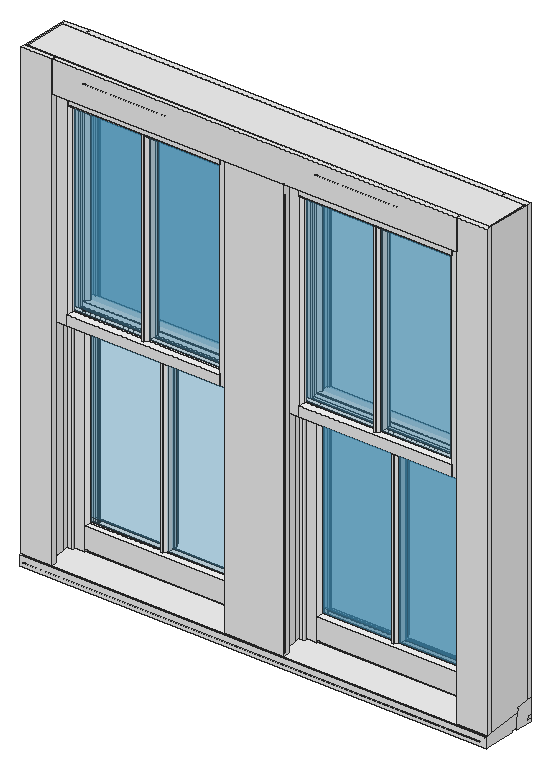
Revit family "B2-22V", category Windows, host Wall, Revit 2012
Parameters
  metal = Matel
  Wood = WindowColor
  Str.Tolrance = 11 mm
  Height = 1500 mm
  Glass = Glass
  Default Sill Height = 200 mm
  Wall Closure = By host
  Width = 1506 mm
Reference planes
  plane 1 "Center (Front/Back)": y = 0
  plane 2: z = 0
  plane 3 "Center (Left/Right)": x = 0
  plane 4 "Left": x = -753
  plane 5 "Right": x = 753
  plane 6 "Sill": z = 200
  plane 7 "Top": z = 1700
  plane 8: y = 33.076
  plane 9: z = 950
  plane 10: x = 653
  plane 11: x = -653
  plane 12: x = -626.955
  plane 13: x = 626.955
  plane 14: z = 1574
  plane 15: z = 326
  plane 16: z = 1600
  plane 17: z = 1008.481
  plane 18: z = 233
  plane 19: z = 1618
  plane 20: z = 268
  plane 21: x = -68
  plane 22: x = 671
  plane 23: x = 78
  plane 24: z = 972
  plane 25: z = 928
  plane 26: x = -122.245
  plane 27: x = 122.245
  plane 28: x = -376.5
  plane 29: x = 374.6
  plane 30: z = 1614
Forms (mm)
  Sweep 1, solid, material "Matel" <- "metal"
    path origin (0, 0, 0) x (1, 0, 0) y (0, 0, 1)
      loop
        line (653.079, 1700) -> (-653, 1700)
    profile origin (0.039, 0, 1700) x (0, 0, -1) y (0, -1, 0)
      loop
        line (0, 87) -> (0, 72) -> (6, 72) -> (6, 67) -> (65, 67) -> (65, 72) -> (73, 72) -> (73, 67) -> (82, 67) -> (88, 67) -> (88, 70) -> (90.25, 70) -> (91.246, 70) -> (91.246, 70.819) -> (90.25, 70.456) -> (91.246, 71.452) -> (90.25, 71.452) -> (91.246, 72.288) -> (90.25, 72.288) -> (91.5, 74) -> (92.75, 72.288) -> (91.754, 72.288) -> (92.75, 71.452) -> (91.754, 71.452) -> (92.75, 70.456) -> (91.754, 70.819) -> (91.754, 70) -> (95, 70) -> (95, 67) -> (100, 67) -> (100, 87) -> (0, 87)
  Sweep 2, solid, material "Matel" <- "metal"
    path origin (0, 0, 0) x (1, 0, 0) y (0, 0, 1)
      loop
        line (747.079, 1700) -> (-747.079, 1700)
    profile origin (0, 0, 1700) x (0, 0, -1) y (0, -1, 0)
      loop
        line (0, -72) -> (6, -72) -> (6, 72) -> (0, 72) -> (0, -72)
  Sweep 3, solid
    path origin (0, 0, 0) x (1, 0, 0) y (0, 0, 1)
      loop
        line (653, 1700) -> (-653, 1700)
    profile origin (0, 0, 1700) x (0, 0, -1) y (0, -1, 0)
      loop
        line (82, -67) -> (82, -4) -> (75, -4) -> (75, 4) -> (82, 4) -> (82, 67) -> (73, 67) -> (73, 72) -> (65, 72) -> (65, 67) -> (6, 67) -> (6, -67) -> (65, -67) -> (65, -72) -> (73, -72) -> (73, -67) -> (82, -67)
  Sweep 4, solid, material "Matel" <- "metal"
    path origin (0, 0, 0) x (1, 0, 0) y (0, 0, 1)
      loop
        line (753, 1700) -> (753, 200)
    profile origin (753, 0, 950) x (0, -1, 0) y (1, 0, 0)
      loop
        line (72, -5.921) -> (72, -65) -> (72, -99.921) -> (87, -99.921) -> (87, 0.079) -> (72, 0.079) -> (72, -5.921)
  Sweep 5, solid, material "Matel" <- "metal"
    path origin (0, 0, 0) x (1, 0, 0) y (0, 0, 1)
      loop
        line (753, 1600) -> (753, 200)
    profile origin (753, 0, 900) x (0, -1, 0) y (1, 0, 0)
      loop
        line (-67, -56) -> (-67, -65) -> (-72, -65) -> (-72, -73) -> (-67, -73) -> (-67, -82) -> (67, -82) -> (67, -73) -> (72, -73) -> (72, -65) -> (67, -65) -> (67, -56) -> (-67, -56)
  Sweep 6, solid, material "Matel" <- "metal"
    path origin (0, 0, 0) x (-1, 0, 0) y (0, 0, 1)
      loop
        line (753, 1700) -> (753, 200)
    profile origin (-753, 0, 950) x (0, -1, 0) y (1, 0, 0)
      loop
        line (72, 5.921) -> (-72, 5.921) -> (-72, -0.079) -> (72, -0.079) -> (72, 5.921)
  Sweep 7, solid, material "Matel" <- "metal"
    path origin (0, 0, 0) x (-1, 0, 0) y (0, 0, 1)
      loop
        line (753, 1600) -> (753, 200)
    profile origin (-753, 0, 900) x (0, -1, 0) y (1, 0, 0)
      loop
        line (-67, 56) -> (67, 56) -> (67, 65) -> (72, 65) -> (72, 73) -> (67, 73) -> (67, 82) -> (-67, 82) -> (-67, 73) -> (-72, 73) -> (-72, 65) -> (-67, 65) -> (-67, 56)
  Sweep 8, solid, material "Matel" <- "metal"
    path origin (0, 0, 0) x (1, 0, 0) y (0, 0, 1)
      loop
        line (753, 200) -> (753, 1600)
    profile origin (753, 0, 900) x (-1, 0, 0) y (0, -1, 0)
      loop
        line (8.659, 13.181) -> (53.659, 13.181) -> (53.659, 58.181) -> (8.659, 58.181) -> (8.659, 13.181)
      loop
        circle (31.159, 35.681) r 3.5
      loop
        circle (31.159, -35.319) r 3.5
      loop
        line (53.659, -57.819) -> (53.659, -12.819) -> (8.659, -12.819) -> (8.659, -57.819) -> (53.659, -57.819)
      loop
        line (7.159, 1.681) -> (7.159, -1.319) -> (55.159, -1.319) -> (55.159, 1.681) -> (7.159, 1.681)
      loop
        line (82.159, -3.819) -> (96.159, -3.819)
        arc (96.159, -3.819) -> (100.159, 0.181) -> (96.159, 4.181) r 4
        line (96.159, 4.181) -> (75.159, 4.181) -> (75.159, -3.819) -> (82.159, -3.819)
  Sweep 9, solid, material "Matel" <- "metal"
    path origin (0, 0, 0) x (1, 0, 0) y (0, 0, 1)
      loop
        line (753, 200) -> (753, 1600)
    profile origin (753, 0, 900) x (-1, 0, 0) y (0, -1, 0)
      loop
        line (79, -43.784) -> (79, -50.284) -> (82, -50.284) -> (82, -21.284) -> (79, -21.284) -> (79, -27.784) -> (34, -27.784) -> (34, -43.784) -> (79, -43.784)
      loop
        line (34, 27.216) -> (79, 27.216) -> (79, 20.716) -> (82, 20.716) -> (82, 49.716) -> (79, 49.716) -> (79, 43.216) -> (34, 43.216) -> (34, 27.216)
  Sweep 10, solid, material "Matel" <- "metal"
    path origin (0, 0, 0) x (-1, 0, 0) y (0, 0, 1)
      loop
        line (753, 200) -> (753, 1600)
    profile origin (-753, 0, 900) x (-1, 0, 0) y (0, -1, 0)
      loop
        line (-8.659, 13.181) -> (-8.659, 58.181) -> (-53.659, 58.181) -> (-53.659, 13.181) -> (-8.659, 13.181)
      loop
        circle (-31.159, 35.681) r 3.5
      loop
        circle (-31.159, -35.319) r 3.5
      loop
        line (-53.659, -57.819) -> (-8.659, -57.819) -> (-8.659, -12.819) -> (-53.659, -12.819) -> (-53.659, -57.819)
      loop
        line (-7.159, 1.681) -> (-55.159, 1.681) -> (-55.159, -1.319) -> (-7.159, -1.319) -> (-7.159, 1.681)
      loop
        line (-82.159, -3.819) -> (-75.159, -3.819) -> (-75.159, 4.181) -> (-96.159, 4.181)
        arc (-96.159, 4.181) -> (-100.159, 0.181) -> (-96.159, -3.819) r 4
        line (-96.159, -3.819) -> (-82.159, -3.819)
  Sweep 11, solid, material "Matel" <- "metal"
    path origin (0, 0, 0) x (1, 0, 0) y (0, 0, 1)
      loop
        line (753, 200) -> (-753, 200)
    profile origin (0, 0, 200) x (0, 0, -1) y (0, -1, 0)
      loop
        line (0, -87) -> (0, -33) -> (-33, -33) -> (-33, -38) -> (-48, -38) -> (-48, -33) -> (-52.913, -33)
        arc (-52.913, -33) -> (-55.913, -36) -> (-58.913, -33) r 3
        line (-58.913, -33) -> (-63.825, -33) -> (-68, -67) -> (-68, -87) -> (-20, -87) -> (-20, -77) -> (-10, -77) -> (-10, -87) -> (0, -87)
  Sweep 12, solid, material "Matel" <- "metal"
    path origin (0, 0, 0) x (1, 0, 0) y (0, 0, 1)
      loop
        line (753, 200) -> (-753, 200)
    profile origin (0, 0, 200) x (0, 0, -1) y (0, -1, 0)
      loop
        line (-5, -33) -> (-5, -13) -> (0, -13) -> (0, 80) -> (-2, 80)
        arc (-2, 80) -> (-5, 83) -> (-2, 86) r 3
        line (-2, 86) -> (0, 86) -> (0, 91) -> (-30.121, 91)
        arc (-30.121, 91) -> (-32.108, 90.247) -> (-33.098, 88.366) r 3
        line (-33.098, 88.366) -> (-48, -33) -> (-48, -38) -> (-33, -38) -> (-33, -33) -> (-5, -33)
  Sweep 13, solid, material "Matel" <- "metal"
    path origin (0, 0, 0) x (1, 0, 0) y (0, 0, 1)
      loop
        line (-128.237, 1700) -> (-620.955, 1700)
    profile origin (-374.596, 0, 1700) x (0, 0, -1) y (0, -1, 0)
      loop
        line (88.983, 5.47) -> (125.983, 5.47) -> (125.983, 53.47) -> (141.983, 53.47) -> (141.983, 55.47) -> (131.983, 65.47) -> (88.983, 65.47)
        arc (88.983, 65.47) -> (86.862, 64.591) -> (85.983, 62.47) r 3
        line (85.983, 62.47) -> (85.983, 16.47) -> (91.983, 16.47) -> (91.983, 13.47) -> (85.983, 13.47) -> (85.983, 8.47)
        arc (85.983, 8.47) -> (86.862, 6.348) -> (88.983, 5.47) r 3
      loop
        arc (96, -3.819) -> (100, 0.181) -> (96, 4.181) r 4
        line (96, 4.181) -> (75, 4.181) -> (75, -3.819) -> (82, -3.819) -> (96, -3.819)
  Sweep 14, solid, material "Matel" <- "metal"
    path origin (0, 0, 0) x (1, 0, 0) y (0, 0, 1)
      loop
        line (0, 1600) -> (0, 233)
    profile origin (0, 0, 916.5) x (0, -1, 0) y (1, 0, 0)
      loop
        line (-87, 78.266) -> (-87, -78.266) -> (-67, -78.266) -> (-67, -69.266) -> (-72, -69.266) -> (-72, -61.266) -> (-67, -61.266) -> (-67, -52.266) -> (-67, 52.266) -> (-67, 61.266) -> (-72, 61.266) -> (-72, 69.266) -> (-67, 69.266) -> (-67, 78.266) -> (-87, 78.266)
      loop
        line (87, 96.266) -> (67, 96.266) -> (67, 91.266) -> (70, 91.266) -> (70, 88.098) -> (70.8, 88.098) -> (70.41, 89.016) -> (71.49, 88.098) -> (71.49, 89.007) -> (72.56, 88.098) -> (72.56, 88.952) -> (74, 88.28) -> (74, 87.42) -> (72.56, 86.52) -> (72.56, 87.374) -> (71.49, 86.528) -> (71.49, 87.435) -> (70.391, 86.516) -> (70.8, 87.435) -> (70, 87.435) -> (70, 84.266) -> (67, 84.266) -> (67, 69.266) -> (72, 69.266) -> (72, 61.266) -> (67, 61.266) -> (67, 3.733) -> (67, -61.266) -> (72, -61.266) -> (72, -69.266) -> (67, -69.266) -> (67, -84.266) -> (70, -84.266) -> (70, -87.435) -> (70.8, -87.435) -> (70.391, -86.516) -> (71.49, -87.435) -> (71.49, -86.528) -> (72.56, -87.374) -> (72.56, -86.52) -> (74, -87.42) -> (74, -88.28) -> (72.56, -88.952) -> (72.56, -88.098) -> (71.49, -89.007) -> (71.49, -88.098) -> (70.41, -89.016) -> (70.8, -88.098) -> (70, -88.098) -> (70, -91.266) -> (67, -91.266) -> (67, -96.266) -> (87, -96.266) -> (87, 96.266)
  Sweep 15, solid, material "Matel" <- "metal"
    path origin (0, 0, 0) x (1, 0, 0) y (0, 0, 1)
      loop
        line (0, 1600) -> (0, 233)
    profile origin (0, 0, 916.5) x (0, -1, 0) y (1, 0, 0)
      loop
        line (-67, 52.266) -> (67, 52.266) -> (67, 61.266) -> (72, 61.266) -> (72, 69.266) -> (67, 69.266) -> (67, 78.266) -> (-67, 78.266) -> (-67, 69.266) -> (-72, 69.266) -> (-72, 61.266) -> (-67, 61.266) -> (-67, 52.266)
      loop
        line (-67, -78.266) -> (67, -78.266) -> (67, -69.266) -> (72, -69.266) -> (72, -61.266) -> (67, -61.266) -> (67, -52.266) -> (-67, -52.266) -> (-67, -61.266) -> (-72, -61.266) -> (-72, -69.266) -> (-67, -69.266) -> (-67, -78.266)
  Sweep 16, solid, material "Matel" <- "metal"
    path origin (0, 0, 0) x (1, 0, 0) y (0, 0, 1)
      loop
        line (0, 1600) -> (0, 233)
    profile origin (0, 0, 916.5) x (0, -1, 0) y (1, 0, 0)
      loop
        line (13.691, -4.79) -> (13.691, -49.79) -> (58.691, -49.79) -> (58.691, -4.79) -> (13.691, -4.79)
      loop
        circle (36.191, -27.29) r 3.5
      loop
        circle (-34.809, -27.29) r 3.5
      loop
        line (-57.309, -49.79) -> (-12.309, -49.79) -> (-12.309, -4.79) -> (-57.309, -4.79) -> (-57.309, -49.79)
      loop
        line (2.191, -3.29) -> (-0.809, -3.29) -> (-0.809, -51.29) -> (2.191, -51.29) -> (2.191, -3.29)
      loop
        line (-3.309, -78.29) -> (-3.309, -92.29)
        arc (-3.309, -92.29) -> (0.691, -96.29) -> (4.691, -92.29) r 4
        line (4.691, -92.29) -> (4.691, -71.29) -> (-3.309, -71.29) -> (-3.309, -78.29)
  Sweep 17, solid, material "Matel" <- "metal"
    path origin (0, 0, 0) x (-1, 0, 0) y (0, 0, 1)
      loop
        line (0, 1600) -> (0, 233)
    profile origin (0, 0, 916.5) x (0, -1, 0) y (1, 0, 0)
      loop
        line (13.691, 4.79) -> (58.691, 4.79) -> (58.691, 49.79) -> (13.691, 49.79) -> (13.691, 4.79)
      loop
        circle (36.191, 27.29) r 3.5
      loop
        circle (-34.809, 27.29) r 3.5
      loop
        line (-57.309, 49.79) -> (-57.309, 4.79) -> (-12.309, 4.79) -> (-12.309, 49.79) -> (-57.309, 49.79)
      loop
        line (2.191, 3.29) -> (2.191, 51.29) -> (-0.809, 51.29) -> (-0.809, 3.29) -> (2.191, 3.29)
      loop
        line (-3.309, 78.29) -> (-3.309, 71.29) -> (4.691, 71.29) -> (4.691, 92.29)
        arc (4.691, 92.29) -> (0.691, 96.29) -> (-3.309, 92.29) r 4
        line (-3.309, 92.29) -> (-3.309, 78.29)
  Sweep 18, solid, material "Matel" <- "metal"
    path origin (0, 0, 0) x (1, 0, 0) y (0, 0, 1)
      loop
        line (0, 1600) -> (0, 233)
    profile origin (0, 0, 916.5) x (0, -1, 0) y (1, 0, 0)
      loop
        line (-42.517, -75.266) -> (-49.017, -75.266) -> (-49.017, -78.266) -> (-20.017, -78.266) -> (-20.017, -75.266) -> (-26.517, -75.266) -> (-26.517, -30.266) -> (-42.517, -30.266) -> (-42.517, -75.266)
      loop
        line (28.483, -30.266) -> (28.483, -75.266) -> (21.983, -75.266) -> (21.983, -78.266) -> (50.983, -78.266) -> (50.983, -75.266) -> (44.483, -75.266) -> (44.483, -30.266) -> (28.483, -30.266)
      loop
        line (-42.517, 75.266) -> (-42.517, 30.266) -> (-26.517, 30.266) -> (-26.517, 75.266) -> (-20.017, 75.266) -> (-20.017, 78.266) -> (-49.017, 78.266) -> (-49.017, 75.266) -> (-42.517, 75.266)
      loop
        line (28.483, 30.266) -> (44.483, 30.266) -> (44.483, 75.266) -> (50.983, 75.266) -> (50.983, 78.266) -> (21.983, 78.266) -> (21.983, 75.266) -> (28.483, 75.266) -> (28.483, 30.266)
  Sweep 19, solid, material "Matel" <- "metal"
    path origin (0, 0, 0) x (1, 0, 0) y (0, 0, 1)
      loop
        line (-78.266, 1618) -> (-671, 1618) -> (-671, 268) -> (-78.266, 268) -> (-78.266, 1618)
    profile origin (-374.633, 0, 1618) x (0, 0, -1) y (0, -1, 0)
      loop
        line (15, -67) -> (0, -67) -> (0, -81) -> (3, -81)
        arc (3, -81) -> (9, -87) -> (15, -81) r 6
        line (15, -81) -> (15, -67)
  Sweep 20, solid, material "Matel" <- "metal"
    path origin (0, 0, 0) x (-1, 0, 0) y (0, 0, 1)
      loop
        line (-78, 1618) -> (-671, 1618) -> (-671, 268) -> (-78, 268) -> (-78, 1618)
    profile origin (374.5, 0, 1618) x (0, 0, 1) y (0, -1, 0)
      loop
        line (-15, -67) -> (-15, -81)
        arc (-15, -81) -> (-9, -87) -> (-3, -81) r 6
        line (-3, -81) -> (0, -81) -> (0, -67) -> (-15, -67)
  Sweep 21, solid, material "Matel" <- "metal"
    path origin (0, 0, 0) x (1, 0, 0) y (0, 0, 1)
      loop
        line (-128.237, 950) -> (-620.955, 950)
    profile origin (-374.596, 0, 950) x (0, 0, -1) y (0, -1, 0)
      loop
        line (19, -50.836) -> (22, -50.836) -> (22, -46.836) -> (18, -45.836) -> (18, -42.836) -> (6, -42.836) -> (6, -61.836) -> (11, -61.836) -> (11, -58.836)
        arc (11, -58.836) -> (16.657, -56.493) -> (19, -50.836) r 8
      loop
        line (10, -38.836) -> (20, -38.836) -> (20, -22.836) -> (10, -22.836) -> (10, -38.836)
      loop
        line (22, 6.164) -> (22, 66.164) -> (-12, 66.164) -> (-22, 56.164) -> (-22, 54.164) -> (-6, 54.164) -> (-6, 12.164) -> (-3, 12.164) -> (-3, 6.164) -> (22, 6.164)
      loop
        line (-20, 32.164) -> (-10, 32.164) -> (-10, 48.164) -> (-20, 48.164) -> (-20, 32.164)
      loop
        line (-5.647, 10.647) -> (-5.672, 5.177) -> (-9.647, 5.195)
        arc (-9.647, 5.195) -> (-10.854, 4.176) -> (-10.337, 2.684) r 1.396
        line (-10.337, 2.684) -> (-6.269, -0.321)
        arc (-6.269, -0.321) -> (-4.955, -0.225) -> (-4.848, 1.087) r 1.012
        line (-4.848, 1.087) -> (-7.65, 3.156) -> (-3.681, 3.138) -> (-3.647, 10.638)
        arc (-3.647, 10.638) -> (-4.642, 11.643) -> (-5.647, 10.647) r 1
  Sweep 22, solid, material "Matel" <- "metal", detail levels fine
    path origin (0, 0, 0) x (1, 0, 0) y (0, 0, 1)
      loop
        line (-376.5, 972) -> (-376.5, 1569.017)
    profile origin (-376.5, 0, 1270.508) x (-1, 0, 0) y (0, -1, 0)
      loop
        line (8.934, 26.029) -> (-11.066, 26.029) -> (-11.066, 20.029) -> (-9.066, 20.029) -> (-9.066, 17.529) -> (-3.566, 10.029) -> (-3.566, 8.029) -> (1.434, 8.029) -> (1.434, 10.029) -> (6.934, 17.529) -> (6.934, 20.029) -> (8.934, 20.029) -> (8.934, 26.029)
      loop
        line (8.934, 57.214) -> (1.485, 65.368) -> (1.485, 67.368) -> (-3.515, 67.368) -> (-3.515, 65.368) -> (-11.066, 54.414) -> (8.934, 54.414) -> (8.934, 57.214)
  Sweep 23, solid, material "Matel" <- "metal"
    path origin (0, 0, 0) x (-1, 0, 0) y (0, 0, 1)
      loop
        line (753, 200) -> (753, 1600)
    profile origin (-753, 0, 900) x (-1, 0, 0) y (0, -1, 0)
      loop
        line (-79, -43.784) -> (-34, -43.784) -> (-34, -27.784) -> (-79, -27.784) -> (-79, -21.284) -> (-82, -21.284) -> (-82, -50.284) -> (-79, -50.284) -> (-79, -43.784)
      loop
        line (-34, 27.216) -> (-34, 43.216) -> (-79, 43.216) -> (-79, 49.716) -> (-82, 49.716) -> (-82, 20.716) -> (-79, 20.716) -> (-79, 27.216) -> (-34, 27.216)
  Sweep 24, solid, material "Matel" <- "metal"
    path origin (749.2, 0, 0) x (1, 0, 0) y (0, 0, 1)
      loop
        line (-122.245, 1600) -> (-122.245, 950)
    profile origin (626.955, 0, 1275) x (0, -1, 0) y (1, 0, 0)
      loop
        line (-61.836, 0) -> (-61.836, -5) -> (-58.836, -5)
        arc (-58.836, -5) -> (-56.493, -10.657) -> (-50.836, -13) r 8
        line (-50.836, -13) -> (-50.836, -16) -> (-46.836, -16) -> (-45.836, -12) -> (-42.836, -12) -> (-42.836, 0) -> (-61.836, 0)
  Sweep 25, solid
    path origin (0, 0, 0) x (1, 0, 0) y (0, 0, 1)
      loop
        line (-626.955, 1600) -> (-122.245, 1600)
    profile origin (-374.6, 0, 1600) x (0, 0, 1) y (0, -1, 0)
      loop
        line (-25.983, 7.97) -> (-25.983, 26.97) -> (-37.983, 26.97) -> (-37.983, 23.97) -> (-41.983, 22.97) -> (-41.983, 18.97) -> (-38.983, 18.97)
        arc (-38.983, 18.97) -> (-36.64, 13.313) -> (-30.983, 10.97) r 8
        line (-30.983, 10.97) -> (-30.983, 7.97) -> (-25.983, 7.97)
  Sweep 26, solid, material "Matel" <- "metal", detail levels fine
    path origin (0, 0, 0) x (-1, 0, 0) y (0, 0, -1)
      loop
        line (-374.6, -972) -> (-374.6, -1568.017)
    profile origin (374.6, 0, 1270.008) x (-1, 0, 0) y (0, -1, 0)
      loop
        line (-8.934, 26.029) -> (-8.934, 20.029) -> (-6.934, 20.029) -> (-6.934, 17.529) -> (-1.434, 10.029) -> (-1.434, 8.029) -> (3.566, 8.029) -> (3.566, 10.029) -> (9.066, 17.529) -> (9.066, 20.029) -> (11.066, 20.029) -> (11.066, 26.029) -> (-8.934, 26.029)
      loop
        line (-8.934, 57.214) -> (-8.934, 54.414) -> (11.066, 54.414) -> (3.515, 65.368) -> (3.515, 67.368) -> (-1.485, 67.368) -> (-1.485, 65.368) -> (-8.934, 57.214)
  Sweep 27, solid, material "Matel" <- "metal"
    path origin (0, 0, 0) x (-1, 0, 0) y (0, 0, 1)
      loop
        line (128.237, 268) -> (620.955, 268)
    profile origin (-374.596, 0, 268) x (0, 0, -1) y (0, -1, 0)
      loop
        line (18.317, -15.045) -> (12.685, -15.045) -> (12.685, -12.045) -> (20.101, -12.045) -> (20.67, -7.41)
        arc (20.67, -7.41) -> (19.939, -5.057) -> (17.693, -4.045) r 3
        line (17.693, -4.045) -> (-50.332, -4.045) -> (-60.332, -14.045) -> (-60.332, -16.045) -> (-44.332, -16.045) -> (-44.332, -30.045) -> (-4.998, -30.045) -> (-4.998, -26.045) -> (16.966, -26.045) -> (18.317, -15.045)
      loop
        line (-44.332, -64.045) -> (-5.354, -64.045)
        arc (-5.354, -64.045) -> (-3.366, -63.291) -> (-2.376, -61.41) r 3
        line (-2.376, -61.41) -> (-1.717, -56.045) -> (-7.349, -56.045) -> (-7.349, -53.045) -> (-1.349, -53.045) -> (0.002, -42.045) -> (-4.998, -42.045) -> (-4.998, -38.045) -> (-44.332, -38.045) -> (-44.332, -64.045)
  Sweep 28, solid, material "Matel" <- "metal"
    path origin (0, 0, 0) x (1, 0, 0) y (0, 0, 1)
      loop
        line (610.955, 268) -> (138.245, 268)
    profile origin (374.6, 0, 268) x (0, 0, -1) y (0, -1, 0)
      loop
        line (-44.332, -61.836) -> (-44.332, -42.836) -> (-56.332, -42.836) -> (-56.332, -45.836) -> (-60.332, -46.836) -> (-60.332, -50.836) -> (-57.332, -50.836)
        arc (-57.332, -50.836) -> (-54.989, -56.493) -> (-49.332, -58.836) r 8
        line (-49.332, -58.836) -> (-49.332, -61.836) -> (-44.332, -61.836)
  Sweep 29, solid, material "Matel" <- "metal", detail levels fine
    path origin (0, 0, 2851.8) x (1, 0, 0) y (0, 0, 1)
      loop
        line (-376.5, -1923.8) -> (-376.5, -2525.8)
    profile origin (-376.5, 0, 627) x (0, -1, 0) y (1, 0, 0)
      loop
        line (-50.846, -8.934) -> (-50.846, 11.066) -> (-56.846, 11.066) -> (-56.846, 9.066) -> (-59.346, 9.066) -> (-66.846, 3.566) -> (-68.846, 3.566) -> (-68.846, -1.434) -> (-66.846, -1.434) -> (-59.346, -6.934) -> (-56.846, -6.934) -> (-56.846, -8.934) -> (-50.846, -8.934)
      loop
        line (-19.661, -8.934) -> (-11.507, -1.485) -> (-9.507, -1.485) -> (-9.507, 3.515) -> (-11.507, 3.515) -> (-22.461, 11.066) -> (-22.461, -8.934) -> (-19.661, -8.934)
  Sweep 30, solid, material "Matel" <- "metal", detail levels fine
    path origin (0, 0, 2851.8) x (-1, 0, 0) y (0, 0, -1)
      loop
        line (-374.6, 1923.8) -> (-374.6, 2523.468)
    profile origin (374.6, 0, 628.166) x (0, -1, 0) y (1, 0, 0)
      loop
        line (-47.721, 8.934) -> (-53.721, 8.934) -> (-53.721, 6.934) -> (-56.221, 6.934) -> (-63.721, 1.434) -> (-65.721, 1.434) -> (-65.721, -3.566) -> (-63.721, -3.566) -> (-56.221, -9.066) -> (-53.721, -9.066) -> (-53.721, -11.066) -> (-47.721, -11.066) -> (-47.721, 8.934)
      loop
        line (-16.536, 8.934) -> (-19.336, 8.934) -> (-19.336, -11.066) -> (-8.382, -3.515) -> (-6.382, -3.515) -> (-6.382, 1.485) -> (-8.382, 1.485) -> (-16.536, 8.934)
  Sweep 31, solid, material "Matel" <- "metal", detail levels fine
    path origin (0, 0, 0) x (1, 0, 0) y (0, 0, 1)
      loop
        line (374.6, 972) -> (374.6, 1574)
    profile origin (374.6, 0, 1273) x (-1, 0, 0) y (0, -1, 0)
      loop
        line (9.723, 31.765) -> (9.723, 47.765) -> (-10.277, 47.765) -> (-10.277, 31.765) -> (9.723, 31.765)
  Sweep 32, solid, material "Matel" <- "metal", detail levels fine
    path origin (0, 0, 0) x (-1, 0, 0) y (0, 0, 1)
      loop
        line (376.5, 972) -> (376.5, 1574)
    profile origin (-376.5, 0, 1273) x (-1, 0, 0) y (0, -1, 0)
      loop
        line (-10.348, 31.765) -> (9.652, 31.765) -> (9.652, 47.765) -> (-10.348, 47.765) -> (-10.348, 31.765)
  Sweep 33, solid, material "Matel" <- "metal", detail levels fine
    path origin (0, 0, 0) x (1, 0, 0) y (0, 0, 1)
      loop
        line (374.6, 928) -> (374.6, 326)
    profile origin (374.6, 0, 627) x (0, -1, 0) y (1, 0, 0)
      loop
        line (-41.045, -10) -> (-25.045, -10) -> (-25.045, 10) -> (-41.045, 10) -> (-41.045, -10)
  Sweep 34, solid, material "Matel" <- "metal", detail levels fine
    path origin (0, 0, 0) x (-1, 0, 0) y (0, 0, 1)
      loop
        line (376.5, 928) -> (376.5, 326)
    profile origin (-376.5, 0, 627) x (0, -1, 0) y (1, 0, 0)
      loop
        line (-41.045, 10) -> (-41.045, -10) -> (-25.045, -10) -> (-25.045, 10) -> (-41.045, 10)
  Sweep 35, solid, material "Matel" <- "metal", detail levels fine
    path origin (0, 0, 0) x (-1, 0, 0) y (0, 0, 1)
      loop
        line (376.5, 972) -> (376.5, 1574)
    profile origin (-376.5, 0, 1273) x (-1, 0, 0) y (0, -1, 0)
      loop
        line (-9.723, 31.765) -> (10.277, 31.765) -> (10.277, 47.765) -> (-9.723, 47.765) -> (-9.723, 31.765)
  Sweep 36, solid, material "Matel" <- "metal"
    path origin (0, 0, 0) x (1, 0, 0) y (0, 0, 1)
      loop
        line (671, 950) -> (671, 1600)
    profile origin (671, 0, 1275) x (-1, 0, 0) y (0, -1, 0)
      loop
        line (50.045, -5.271) -> (7.045, -5.271)
        arc (7.045, -5.271) -> (4.923, -6.15) -> (4.045, -8.271) r 3
        line (4.045, -8.271) -> (4.045, -13.271) -> (10.045, -13.271) -> (10.045, -16.271) -> (4.045, -16.271) -> (4.045, -29.271) -> (10.045, -29.271) -> (10.045, -41.271) -> (4.045, -41.271) -> (4.045, -62.271)
        arc (4.045, -62.271) -> (4.923, -64.393) -> (7.045, -65.271) r 3
        line (7.045, -65.271) -> (44.045, -65.271) -> (44.045, -17.271) -> (60.045, -17.271) -> (60.045, -15.271) -> (50.045, -5.271)
  Sweep 37, solid, material "Matel" <- "metal"
    path origin (0, 0, 0) x (1, 0, 0) y (0, 0, 1)
      loop
        line (671, 1600) -> (671, 928)
    profile origin (671, 0, 1264) x (0, -1, 0) y (1, 0, 0)
      loop
        line (65.625, -50.045) -> (65.625, -7.045)
        arc (65.625, -7.045) -> (64.746, -4.923) -> (62.625, -4.045) r 3
        line (62.625, -4.045) -> (57.625, -4.045) -> (57.625, -10.045) -> (54.625, -10.045) -> (54.625, -4.045) -> (41.625, -4.045) -> (41.625, -10.045) -> (29.625, -10.045) -> (29.625, -4.045) -> (8.625, -4.045)
        arc (8.625, -4.045) -> (6.504, -4.923) -> (5.625, -7.045) r 3
        line (5.625, -7.045) -> (5.625, -44.045) -> (53.625, -44.045) -> (53.625, -60.045) -> (55.625, -60.045) -> (65.625, -50.045)
  Sweep 38, solid, material "Matel" <- "metal"
    path origin (999.5, 0, 0) x (-1, 0, 0) y (0, 0, 1)
      loop
        line (921.5, 950) -> (921.5, 1600)
    profile origin (78, 0, 1275) x (-1, 0, 0) y (0, -1, 0)
      loop
        line (-50.045, -5.271) -> (-60.045, -15.271) -> (-60.045, -17.271) -> (-44.045, -17.271) -> (-44.045, -65.271) -> (-7.045, -65.271)
        arc (-7.045, -65.271) -> (-4.923, -64.393) -> (-4.045, -62.271) r 3
        line (-4.045, -62.271) -> (-4.045, -41.271) -> (-10.045, -41.271) -> (-10.045, -29.271) -> (-4.045, -29.271) -> (-4.045, -16.271) -> (-10.045, -16.271) -> (-10.045, -13.271) -> (-4.045, -13.271) -> (-4.045, -8.271)
        arc (-4.045, -8.271) -> (-4.923, -6.15) -> (-7.045, -5.271) r 3
        line (-7.045, -5.271) -> (-50.045, -5.271)
  Sweep 39, solid, material "Matel" <- "metal"
    path origin (-999.5, 0, 0) x (1, 0, 0) y (0, 0, 1)
      loop
        line (931.5, 950) -> (931.5, 1600)
    profile origin (-68, 0, 1275) x (-1, 0, 0) y (0, -1, 0)
      loop
        line (60.237, -5.271) -> (17.237, -5.271)
        arc (17.237, -5.271) -> (15.116, -6.15) -> (14.237, -8.271) r 3
        line (14.237, -8.271) -> (14.237, -13.271) -> (20.237, -13.271) -> (20.237, -16.271) -> (14.237, -16.271) -> (14.237, -29.271) -> (20.237, -29.271) -> (20.237, -41.271) -> (14.237, -41.271) -> (14.237, -62.271)
        arc (14.237, -62.271) -> (15.116, -64.393) -> (17.237, -65.271) r 3
        line (17.237, -65.271) -> (54.237, -65.271) -> (54.237, -17.271) -> (70.237, -17.271) -> (70.237, -15.271) -> (60.237, -5.271)
  Sweep 40, solid, material "Matel" <- "metal"
    path origin (-1154.5, 0, 0) x (1, 0, 0) y (0, 0, 1)
      loop
        line (1086.5, 928) -> (1086.5, 1600)
    profile origin (-68, 0, 1264) x (-1, 0, 0) y (0, -1, 0)
      loop
        line (60.237, 65.354) -> (17.237, 65.354)
        arc (17.237, 65.354) -> (15.116, 64.475) -> (14.237, 62.354) r 3
        line (14.237, 62.354) -> (14.237, 57.354) -> (20.237, 57.354) -> (20.237, 54.354) -> (14.237, 54.354) -> (14.237, 41.354) -> (20.237, 41.354) -> (20.237, 29.354) -> (14.237, 29.354) -> (14.237, 8.354)
        arc (14.237, 8.354) -> (15.116, 6.232) -> (17.237, 5.354) r 3
        line (17.237, 5.354) -> (54.237, 5.354) -> (54.237, 53.354) -> (70.237, 53.354) -> (70.237, 55.354) -> (60.237, 65.354)
  Sweep 41, solid, material "Matel" <- "metal"
    path origin (0, 0, 0) x (-1, 0, 0) y (0, 0, 1)
      loop
        line (671, 950) -> (671, 1600)
    profile origin (-671, 0, 1275) x (-1, 0, 0) y (0, -1, 0)
      loop
        line (-50.045, -5.271) -> (-60.045, -15.271) -> (-60.045, -17.271) -> (-44.045, -17.271) -> (-44.045, -65.271) -> (-7.045, -65.271)
        arc (-7.045, -65.271) -> (-4.923, -64.393) -> (-4.045, -62.271) r 3
        line (-4.045, -62.271) -> (-4.045, -41.271) -> (-10.045, -41.271) -> (-10.045, -29.271) -> (-4.045, -29.271) -> (-4.045, -16.271) -> (-10.045, -16.271) -> (-10.045, -13.271) -> (-4.045, -13.271) -> (-4.045, -8.271)
        arc (-4.045, -8.271) -> (-4.923, -6.15) -> (-7.045, -5.271) r 3
        line (-7.045, -5.271) -> (-50.045, -5.271)
  Sweep 42, solid, material "Matel" <- "metal"
    path origin (0, 0, 0) x (-1, 0, 0) y (0, 0, 1)
      loop
        line (671, 1600) -> (671, 928)
    profile origin (-671, 0, 1264) x (0, -1, 0) y (1, 0, 0)
      loop
        line (65.625, 50.045) -> (55.625, 60.045) -> (53.625, 60.045) -> (53.625, 44.045) -> (5.625, 44.045) -> (5.625, 7.045)
        arc (5.625, 7.045) -> (6.504, 4.923) -> (8.625, 4.045) r 3
        line (8.625, 4.045) -> (29.625, 4.045) -> (29.625, 10.045) -> (41.625, 10.045) -> (41.625, 4.045) -> (54.625, 4.045) -> (54.625, 10.045) -> (57.625, 10.045) -> (57.625, 4.045) -> (62.625, 4.045)
        arc (62.625, 4.045) -> (64.746, 4.923) -> (65.625, 7.045) r 3
        line (65.625, 7.045) -> (65.625, 50.045)
  Sweep 43, solid, material "Matel" <- "metal"
    path origin (797.972, 0, -696.715) x (1, 0, 0) y (0, 0, 1)
      loop
        line (-126.972, 896.715) -> (-126.972, 1646.715)
    profile origin (671, 0, 575) x (-1, 0, 0) y (0, -1, 0)
      loop
        line (50.045, -5.271) -> (7.045, -5.271)
        arc (7.045, -5.271) -> (4.923, -6.15) -> (4.045, -8.271) r 3
        line (4.045, -8.271) -> (4.045, -13.271) -> (10.045, -13.271) -> (10.045, -16.271) -> (4.045, -16.271) -> (4.045, -29.271) -> (10.045, -29.271) -> (10.045, -41.271) -> (4.045, -41.271) -> (4.045, -62.271)
        arc (4.045, -62.271) -> (4.923, -64.393) -> (7.045, -65.271) r 3
        line (7.045, -65.271) -> (44.045, -65.271) -> (44.045, -17.271) -> (60.045, -17.271) -> (60.045, -15.271) -> (50.045, -5.271)
  Sweep 44, solid, material "Matel" <- "metal"
    path origin (999.5, 0, 0) x (-1, 0, 0) y (0, 0, 1)
      loop
        line (921.5, 200) -> (921.5, 950)
    profile origin (78, 0, 575) x (-1, 0, 0) y (0, -1, 0)
      loop
        line (-50.045, -5.271) -> (-60.045, -15.271) -> (-60.045, -17.271) -> (-44.045, -17.271) -> (-44.045, -65.271) -> (-7.045, -65.271)
        arc (-7.045, -65.271) -> (-4.923, -64.393) -> (-4.045, -62.271) r 3
        line (-4.045, -62.271) -> (-4.045, -41.271) -> (-10.045, -41.271) -> (-10.045, -29.271) -> (-4.045, -29.271) -> (-4.045, -16.271) -> (-10.045, -16.271) -> (-10.045, -13.271) -> (-4.045, -13.271) -> (-4.045, -8.271)
        arc (-4.045, -8.271) -> (-4.923, -6.15) -> (-7.045, -5.271) r 3
        line (-7.045, -5.271) -> (-50.045, -5.271)
  Sweep 45, solid, material "Matel" <- "metal"
    path origin (-999.5, 0, 0) x (1, 0, 0) y (0, 0, 1)
      loop
        line (931.5, 200) -> (931.5, 950)
    profile origin (-68, 0, 575) x (-1, 0, 0) y (0, -1, 0)
      loop
        line (60.237, -5.271) -> (17.237, -5.271)
        arc (17.237, -5.271) -> (15.116, -6.15) -> (14.237, -8.271) r 3
        line (14.237, -8.271) -> (14.237, -13.271) -> (20.237, -13.271) -> (20.237, -16.271) -> (14.237, -16.271) -> (14.237, -29.271) -> (20.237, -29.271) -> (20.237, -41.271) -> (14.237, -41.271) -> (14.237, -62.271)
        arc (14.237, -62.271) -> (15.116, -64.393) -> (17.237, -65.271) r 3
        line (17.237, -65.271) -> (54.237, -65.271) -> (54.237, -17.271) -> (70.237, -17.271) -> (70.237, -15.271) -> (60.237, -5.271)
  Sweep 46, solid, material "Matel" <- "metal"
    path origin (0, 0, 0) x (-1, 0, 0) y (0, 0, 1)
      loop
        line (671, 200) -> (671, 950)
    profile origin (-671, 0, 575) x (-1, 0, 0) y (0, -1, 0)
      loop
        line (-50.045, -5.271) -> (-60.045, -15.271) -> (-60.045, -17.271) -> (-44.045, -17.271) -> (-44.045, -65.271) -> (-7.045, -65.271)
        arc (-7.045, -65.271) -> (-4.923, -64.393) -> (-4.045, -62.271) r 3
        line (-4.045, -62.271) -> (-4.045, -41.271) -> (-10.045, -41.271) -> (-10.045, -29.271) -> (-4.045, -29.271) -> (-4.045, -16.271) -> (-10.045, -16.271) -> (-10.045, -13.271) -> (-4.045, -13.271) -> (-4.045, -8.271)
        arc (-4.045, -8.271) -> (-4.923, -6.15) -> (-7.045, -5.271) r 3
        line (-7.045, -5.271) -> (-50.045, -5.271)
  Sweep 47, solid, material "Matel" <- "metal"
    path origin (749.2, 0, 0) x (1, 0, 0) y (0, 0, 1)
      loop
        line (-122.245, 950) -> (-122.245, 200)
    profile origin (626.955, 0, 575) x (0, -1, 0) y (1, 0, 0)
      loop
        line (-61.836, 0) -> (-61.836, -5) -> (-58.836, -5)
        arc (-58.836, -5) -> (-56.493, -10.657) -> (-50.836, -13) r 8
        line (-50.836, -13) -> (-50.836, -16) -> (-46.836, -16) -> (-45.836, -12) -> (-42.836, -12) -> (-42.836, 0) -> (-61.836, 0)
  Sweep 48, solid, material "Matel" <- "metal"
    path origin (749.2, -70.586, 0) x (1, 0, 0) y (0, 0, 1)
      loop
        line (-122.245, 1600) -> (-122.245, 950)
    profile origin (626.955, -70.586, 1275) x (0, -1, 0) y (1, 0, 0)
      loop
        line (-61.836, 0) -> (-61.836, -5) -> (-58.836, -5)
        arc (-58.836, -5) -> (-56.493, -10.657) -> (-50.836, -13) r 8
        line (-50.836, -13) -> (-50.836, -16) -> (-46.836, -16) -> (-45.836, -12) -> (-42.836, -12) -> (-42.836, 0) -> (-61.836, 0)
  Sweep 49, solid, material "Matel" <- "metal"
    path origin (250.3, 0.435, 0) x (-1, 0, 0) y (0, 0, -1)
      loop
        line (128.055, -1600) -> (128.055, -950)
    profile origin (122.245, 0.435, 1275) x (0, -1, 0) y (1, 0, 0)
      loop
        line (-61.836, 0) -> (-42.836, 0) -> (-42.836, 12) -> (-45.836, 12) -> (-46.836, 16) -> (-50.836, 16) -> (-50.836, 13)
        arc (-50.836, 13) -> (-56.493, 10.657) -> (-58.836, 5) r 8
        line (-58.836, 5) -> (-61.836, 5) -> (-61.836, 0)
  Sweep 50, solid, material "Matel" <- "metal"
    path origin (250.3, 0.435, 0) x (-1, 0, 0) y (0, 0, -1)
      loop
        line (128.055, -950) -> (128.055, -200)
    profile origin (122.245, 0.435, 575) x (0, -1, 0) y (1, 0, 0)
      loop
        line (-61.836, 0) -> (-42.836, 0) -> (-42.836, 12) -> (-45.836, 12) -> (-46.836, 16) -> (-50.836, 16) -> (-50.836, 13)
        arc (-50.836, 13) -> (-56.493, 10.657) -> (-58.836, 5) r 8
        line (-58.836, 5) -> (-61.836, 5) -> (-61.836, 0)
  Sweep 51, solid, material "Matel" <- "metal"
    path origin (250.1, -70.107, 0) x (-1, 0, 0) y (0, 0, -1)
      loop
        line (127.855, -1574) -> (127.855, -950)
    profile origin (122.245, -70.107, 1262) x (0, -1, 0) y (1, 0, 0)
      loop
        line (-61.836, 0) -> (-42.836, 0) -> (-42.836, 12) -> (-45.836, 12) -> (-46.836, 16) -> (-50.836, 16) -> (-50.836, 13)
        arc (-50.836, 13) -> (-56.493, 10.657) -> (-58.836, 5) r 8
        line (-58.836, 5) -> (-61.836, 5) -> (-61.836, 0)
  Sweep 52, solid, material "Matel" <- "metal"
    path origin (250.1, 0.435, 0) x (-1, 0, 0) y (0, 0, -1)
      loop
        line (127.855, -950) -> (127.855, -200)
    profile origin (122.245, 0.435, 575) x (0, -1, 0) y (1, 0, 0)
      loop
        line (-61.836, 0) -> (-42.836, 0) -> (-42.836, 12) -> (-45.836, 12) -> (-46.836, 16) -> (-50.836, 16) -> (-50.836, 13)
        arc (-50.836, 13) -> (-56.493, 10.657) -> (-58.836, 5) r 8
        line (-58.836, 5) -> (-61.836, 5) -> (-61.836, 0)
  Sweep 53, solid, material "Matel" <- "metal"
    path origin (-250.293, 0.935, 0) x (1, 0, 0) y (0, 0, 1)
      loop
        line (128.048, 1600) -> (128.048, 950)
    profile origin (-122.245, 0.935, 1275) x (0, -1, 0) y (1, 0, 0)
      loop
        line (-61.836, 0) -> (-61.836, -5) -> (-58.836, -5)
        arc (-58.836, -5) -> (-56.493, -10.657) -> (-50.836, -13) r 8
        line (-50.836, -13) -> (-50.836, -16) -> (-46.836, -16) -> (-45.836, -12) -> (-42.836, -12) -> (-42.836, 0) -> (-61.836, 0)
  Sweep 54, solid, material "Matel" <- "metal"
    path origin (-250.293, 0.935, 0) x (1, 0, 0) y (0, 0, 1)
      loop
        line (128.048, 950) -> (128.048, 200)
    profile origin (-122.245, 0.935, 575) x (0, -1, 0) y (1, 0, 0)
      loop
        line (-61.836, 0) -> (-61.836, -5) -> (-58.836, -5)
        arc (-58.836, -5) -> (-56.493, -10.657) -> (-50.836, -13) r 8
        line (-50.836, -13) -> (-50.836, -16) -> (-46.836, -16) -> (-45.836, -12) -> (-42.836, -12) -> (-42.836, 0) -> (-61.836, 0)
  Sweep 55, solid, material "Matel" <- "metal"
    path origin (-250.285, -70.19, 0) x (1, 0, 0) y (0, 0, 1)
      loop
        line (128.04, 1600) -> (128.04, 950)
    profile origin (-122.245, -70.19, 1275) x (0, -1, 0) y (1, 0, 0)
      loop
        line (-61.836, 0) -> (-61.836, -5) -> (-58.836, -5)
        arc (-58.836, -5) -> (-56.493, -10.657) -> (-50.836, -13) r 8
        line (-50.836, -13) -> (-50.836, -16) -> (-46.836, -16) -> (-45.836, -12) -> (-42.836, -12) -> (-42.836, 0) -> (-61.836, 0)
  Sweep 56, solid, material "Matel" <- "metal"
    path origin (-749.415, 0.31, 0) x (-1, 0, 0) y (0, 0, -1)
      loop
        line (-122.46, -1600) -> (-122.46, -950)
    profile origin (-626.955, 0.31, 1275) x (0, -1, 0) y (1, 0, 0)
      loop
        line (-61.836, 0) -> (-42.836, 0) -> (-42.836, 12) -> (-45.836, 12) -> (-46.836, 16) -> (-50.836, 16) -> (-50.836, 13)
        arc (-50.836, 13) -> (-56.493, 10.657) -> (-58.836, 5) r 8
        line (-58.836, 5) -> (-61.836, 5) -> (-61.836, 0)
  Sweep 57, solid, material "Matel" <- "metal"
    path origin (-749.415, 0.31, 0) x (-1, 0, 0) y (0, 0, -1)
      loop
        line (-122.46, -950) -> (-122.46, -200)
    profile origin (-626.955, 0.31, 575) x (0, -1, 0) y (1, 0, 0)
      loop
        line (-61.836, 0) -> (-42.836, 0) -> (-42.836, 12) -> (-45.836, 12) -> (-46.836, 16) -> (-50.836, 16) -> (-50.836, 13)
        arc (-50.836, 13) -> (-56.493, 10.657) -> (-58.836, 5) r 8
        line (-58.836, 5) -> (-61.836, 5) -> (-61.836, 0)
  Sweep 58, solid, material "Matel" <- "metal"
    path origin (-749.414, -69.961, 0) x (-1, 0, 0) y (0, 0, -1)
      loop
        line (-122.459, -1600) -> (-122.459, -950)
    profile origin (-626.955, -69.961, 1275) x (0, -1, 0) y (1, 0, 0)
      loop
        line (-61.836, 0) -> (-42.836, 0) -> (-42.836, 12) -> (-45.836, 12) -> (-46.836, 16) -> (-50.836, 16) -> (-50.836, 13)
        arc (-50.836, 13) -> (-56.493, 10.657) -> (-58.836, 5) r 8
        line (-58.836, 5) -> (-61.836, 5) -> (-61.836, 0)
  Extrusion 59, solid, material "Glass" <- "Glass"
    sketch origin (0, 126.875, 0) x (1, 0, 0) y (0, 0, 1)
      loop
        line (653, 1574) -> (122.245, 1574) -> (122.245, 950) -> (653, 950) -> (653, 1574)
    from 174.661 to 178.661
  Extrusion 60, solid, material "Glass" <- "Glass"
    sketch origin (0, -206.673, 0) x (1, 0, 0) y (0, 0, -1)
      loop
        line (653, -1574) -> (653, -950) -> (122.245, -950) -> (122.245, -1574) -> (653, -1574)
    from 175.402 to 179.402
  Extrusion 61, solid, material "Glass" <- "Glass"
    sketch origin (0, 84.532, 0) x (1, 0, 0) y (0, 0, -1)
      loop
        line (626.955, -1574) -> (626.955, -950) -> (122.245, -950) -> (122.245, -1574) -> (626.955, -1574)
    from -45.26 to -41.26
  Extrusion 62, solid, material "Glass" <- "Glass"
    sketch origin (0, 419.33, 0) x (1, 0, 0) y (0, 0, 1)
      loop
        line (626.955, 1574) -> (122.245, 1574) -> (122.245, 950) -> (626.955, 950) -> (626.955, 1574)
    from 396.808 to 400.808
  Extrusion 63, solid, material "Glass" <- "Glass"
    sketch origin (0, 126.875, 0) x (-1, 0, 0) y (0, 0, -1)
      loop
        line (626.955, -1574) -> (626.955, -950) -> (122.245, -950) -> (122.245, -1574) -> (626.955, -1574)
    from 174.661 to 178.661
  Extrusion 64, solid, material "Glass" <- "Glass"
    sketch origin (0, -206.673, 0) x (-1, 0, 0) y (0, 0, 1)
      loop
        line (626.955, 1574) -> (122.245, 1574) -> (122.245, 950) -> (626.955, 950) -> (626.955, 1574)
    from 175.402 to 179.402
  Extrusion 65, solid, material "Glass" <- "Glass"
    sketch origin (0, 84.532, 0) x (-1, 0, 0) y (0, 0, 1)
      loop
        line (653, 1574) -> (122.245, 1574) -> (122.245, 950) -> (653, 950) -> (653, 1574)
    from -45.26 to -41.26
  Extrusion 66, solid, material "Glass" <- "Glass"
    sketch origin (0, 419.33, 0) x (-1, 0, 0) y (0, 0, -1)
      loop
        line (626.955, -1574) -> (626.955, -950) -> (122.245, -950) -> (122.245, -1574) -> (626.955, -1574)
    from 396.808 to 400.808
  Extrusion 67, solid, material "Glass" <- "Glass"
    sketch origin (0, -126.875, 0) x (-1, 0, 0) y (0, 0, 1)
      loop
        line (626.955, 1574) -> (122.245, 1574) -> (122.245, 950) -> (626.955, 950) -> (626.955, 1574)
    from 174.661 to 178.661
  Extrusion 68, solid, material "Glass" <- "Glass"
    sketch origin (0, 215.423, 0) x (-1, 0, 0) y (0, 0, -1)
      loop
        line (626.955, -1574) -> (626.955, -950) -> (122.245, -950) -> (122.245, -1574) -> (626.955, -1574)
    from 172.277 to 176.277
  Extrusion 69, solid, material "Glass" <- "Glass"
    sketch origin (0, 0, 0) x (1, 0, 0) y (0, 0, 1)
      loop
        line (626.955, 950) -> (122.245, 950) -> (122.245, 326) -> (626.955, 326) -> (626.955, 950)
    from -22.521 to -18.521
  Extrusion 70, solid, material "Glass" <- "Glass"
    sketch origin (0, -402.5, 0) x (1, 0, 0) y (0, 0, -1)
      loop
        line (626.955, -950) -> (626.955, -326) -> (122.245, -326) -> (122.245, -950) -> (626.955, -950)
    from 441.771 to 445.771
  Extrusion 71, solid, material "Glass" <- "Glass"
    sketch origin (0, -571.562, 0) x (1, 0, 0) y (0, 0, -1)
      loop
        line (626.955, -950) -> (626.955, -326) -> (122.245, -326) -> (122.245, -950) -> (626.955, -950)
    from 588.729 to 592.729
  Extrusion 72, solid, material "Glass" <- "Glass"
    sketch origin (0, -148.438, 0) x (1, 0, 0) y (0, 0, 1)
      loop
        line (626.955, 944) -> (122.245, 944) -> (122.245, 326) -> (626.955, 326) -> (626.955, 944)
    from -169.714 to -165.714
  Extrusion 73, solid, material "Glass" <- "Glass"
    sketch origin (0, -620, 0) x (-1, 0, 0) y (0, 0, 1)
      loop
        line (626.955, 950) -> (122.245, 950) -> (122.245, 326) -> (626.955, 326) -> (626.955, 950)
    from 659.146 to 663.146
  Extrusion 74, solid, material "Glass" <- "Glass"
    sketch origin (0, -217.5, 0) x (-1, 0, 0) y (0, 0, -1)
      loop
        line (626.955, -950) -> (626.955, -326) -> (122.245, -326) -> (122.245, -950) -> (626.955, -950)
    from -240.021 to -236.021
  Extrusion 75, solid, material "Glass" <- "Glass"
    sketch origin (0, -620, 0) x (1, 0, 0) y (0, 0, -1)
      loop
        line (626.955, -950) -> (626.955, -326) -> (122.245, -326) -> (122.245, -950) -> (626.955, -950)
    from 659.146 to 663.146
  Extrusion 76, solid, material "Glass" <- "Glass"
    sketch origin (0, -217.5, 0) x (1, 0, 0) y (0, 0, 1)
      loop
        line (626.955, 950) -> (122.245, 950) -> (122.245, 326) -> (626.955, 326) -> (626.955, 950)
    from -240.021 to -236.021
  Extrusion 77, solid, material "Glass" <- "Glass"
    sketch origin (0, -620, 0) x (-1, 0, 0) y (0, 0, 1)
      loop
        line (626.955, 950) -> (122.245, 950) -> (122.245, 326) -> (626.955, 326) -> (626.955, 950)
    from 659.146 to 663.146
  Extrusion 78, solid, material "Glass" <- "Glass"
    sketch origin (0, -217.5, 0) x (-1, 0, 0) y (0, 0, -1)
      loop
        line (626.955, -950) -> (626.955, -326) -> (122.245, -326) -> (122.245, -950) -> (626.955, -950)
    from -240.021 to -236.021
  Sweep 79, solid, material "Matel" <- "metal"
    path origin (0, 0, 0) x (1, 0, 0) y (0, 0, 1)
      loop
        line (753, 1700) -> (753, 200)
    profile origin (753, 0, 950) x (0, -1, 0) y (1, 0, 0)
      loop
        line (-87, 0) -> (-87, -82) -> (-72, -82) -> (-72, -5.921) -> (-72, 0) -> (-87, 0)
  Sweep 80, solid, material "Matel" <- "metal"
    path origin (0, 0, 0) x (-1, 0, 0) y (0, 0, 1)
      loop
        line (753, 1700) -> (753, 200)
    profile origin (-753, 0, 950) x (0, -1, 0) y (1, 0, 0)
      loop
        line (87, -0.079) -> (87, 99.921) -> (72, 99.921) -> (72, 5.921) -> (72, -0.079) -> (87, -0.079)
  Sweep 81, solid, material "Matel" <- "metal"
    path origin (0, 0, 0) x (-1, 0, 0) y (0, 0, -1)
      loop
        line (753, -1700) -> (753, -200)
    profile origin (-753, 0, 950) x (0, -1, 0) y (1, 0, 0)
      loop
        line (-87, 0) -> (-72, 0) -> (-72, 65) -> (-72, 82) -> (-87, 82) -> (-87, 0)
  Sweep 82, solid, material "Matel" <- "metal"
    path origin (0, 0, 0) x (1, 0, 0) y (0, 1, 0)
      loop
        line (753.079, 0) -> (747.079, 0)
    profile origin (750.079, 0, 0) x (0, -1, 0) y (0, 0, 1)
      loop
        line (-72, 1700) -> (-72, 1635) -> (-72, 1617) -> (-72, 268.614) -> (-33, 263.825) -> (-33, 258.913)
        arc (-33, 258.913) -> (-36, 255.913) -> (-33, 252.913) r 3
        line (-33, 252.913) -> (-33, 248) -> (72, 235.108) -> (72, 1605) -> (72, 1700) -> (-72, 1700)
  Sweep 83, solid, material "Matel" <- "metal"
    path origin (0, 0, 0) x (-1, 0, 0) y (0, 1, 0)
      loop
        line (753.079, 0) -> (747.079, 0)
    profile origin (-750.079, 0, 0) x (0, 1, 0) y (0, 0, 1)
      loop
        line (-72, 1605) -> (-72, 235.108) -> (33, 248) -> (33, 252.913)
        arc (33, 252.913) -> (36, 255.913) -> (33, 258.913) r 3
        line (33, 258.913) -> (33, 263.825) -> (72, 268.614) -> (72, 1700) -> (-72, 1700) -> (-72, 1605)
  Sweep 84, solid, material "Matel" <- "metal"
    path origin (0, 0, 0) x (1, 0, 0) y (0, 0, 1)
      loop
        line (671, 1700) -> (-671, 1700)
    profile origin (0, 0, 1700) x (0, 0, -1) y (0, -1, 0)
      loop
        line (0, -87) -> (82, -87) -> (82, -67) -> (73, -67) -> (73, -72) -> (65, -72) -> (65, -67) -> (6, -67) -> (6, -72) -> (0, -72) -> (0, -87)
  Sweep 85, solid, material "Matel" <- "metal"
    path origin (0, 0, 0) x (1, 0, 0) y (0, 0, 1)
      loop
        line (128.045, 268) -> (620.955, 268)
    profile origin (374.5, 0, 268) x (0, 0, 1) y (0, -1, 0)
      loop
        line (-18.317, -15.045) -> (-16.966, -26.045) -> (4.998, -26.045) -> (4.998, -30.045) -> (44.332, -30.045) -> (44.332, -16.045) -> (60.332, -16.045) -> (60.332, -14.045) -> (50.332, -4.045) -> (-17.693, -4.045)
        arc (-17.693, -4.045) -> (-19.939, -5.057) -> (-20.67, -7.41) r 3
        line (-20.67, -7.41) -> (-20.101, -12.045) -> (-12.685, -12.045) -> (-12.685, -15.045) -> (-18.317, -15.045)
      loop
        line (44.332, -64.045) -> (44.332, -38.045) -> (4.998, -38.045) -> (4.998, -42.045) -> (-0.002, -42.045) -> (1.349, -53.045) -> (7.349, -53.045) -> (7.349, -56.045) -> (1.717, -56.045) -> (2.376, -61.41)
        arc (2.376, -61.41) -> (3.366, -63.291) -> (5.354, -64.045) r 3
        line (5.354, -64.045) -> (44.332, -64.045)
  Sweep 86, solid, material "Matel" <- "metal"
    path origin (0, 0, 0) x (-1, 0, 0) y (0, 0, -1)
      loop
        line (-128.237, -1700) -> (-621.955, -1700)
    profile origin (375.096, 0, 1700) x (0, 0, 1) y (0, -1, 0)
      loop
        arc (-88.983, 5.47) -> (-86.862, 6.348) -> (-85.983, 8.47) r 3
        line (-85.983, 8.47) -> (-85.983, 13.47) -> (-91.983, 13.47) -> (-91.983, 16.47) -> (-85.983, 16.47) -> (-85.983, 62.47)
        arc (-85.983, 62.47) -> (-86.862, 64.591) -> (-88.983, 65.47) r 3
        line (-88.983, 65.47) -> (-131.983, 65.47) -> (-141.983, 55.47) -> (-141.983, 53.47) -> (-125.983, 53.47) -> (-125.983, 5.47) -> (-88.983, 5.47)
      loop
        line (-96, -3.819) -> (-82, -3.819) -> (-75, -3.819) -> (-75, 4.181) -> (-96, 4.181)
        arc (-96, 4.181) -> (-100, 0.181) -> (-96, -3.819) r 4
  Sweep 87, solid, material "Matel" <- "metal"
    path origin (0, 0, 0) x (-1, 0, 0) y (0, 0, -1)
      loop
        line (-128.237, -950) -> (-620.955, -950)
    profile origin (374.596, 0, 950) x (0, 0, 1) y (0, -1, 0)
      loop
        arc (-19, -50.836) -> (-16.657, -56.493) -> (-11, -58.836) r 8
        line (-11, -58.836) -> (-11, -61.836) -> (-6, -61.836) -> (-6, -42.836) -> (-18, -42.836) -> (-18, -45.836) -> (-22, -46.836) -> (-22, -50.836) -> (-19, -50.836)
      loop
        line (-10, -38.836) -> (-10, -22.836) -> (-20, -22.836) -> (-20, -38.836) -> (-10, -38.836)
      loop
        line (-22, 6.164) -> (3, 6.164) -> (3, 12.164) -> (6, 12.164) -> (6, 54.164) -> (22, 54.164) -> (22, 56.164) -> (12, 66.164) -> (-22, 66.164) -> (-22, 6.164)
      loop
        line (20, 32.164) -> (20, 48.164) -> (10, 48.164) -> (10, 32.164) -> (20, 32.164)
      loop
        arc (5.849, 10.427) -> (4.844, 11.422) -> (3.849, 10.417) r 1
        line (3.849, 10.417) -> (3.886, 2.917) -> (7.855, 2.937) -> (5.053, 0.867)
        arc (5.053, 0.867) -> (5.161, -0.446) -> (6.474, -0.541) r 1.012
        line (6.474, -0.541) -> (10.542, 2.465)
        arc (10.542, 2.465) -> (11.058, 3.958) -> (9.851, 4.977) r 1.396
        line (9.851, 4.977) -> (5.876, 4.957) -> (5.849, 10.427)
  Sweep 88, solid, material "Matel" <- "metal"
    path origin (0, 0, 0) x (1, 0, 0) y (0, 0, 1)
      loop
        line (-135.245, 950) -> (-626.955, 950)
    profile origin (-381.1, 0, 950) x (0, 0, -1) y (0, -1, 0)
      loop
        line (5.997, -18.709) -> (21.997, -18.709) -> (21.997, -6.709) -> (5.997, -6.709) -> (5.997, -12.929) -> (2.541, -12.929) -> (2.541, -6.709) -> (-7.003, -6.709) -> (-7.003, -1.709) -> (-17.003, 0.291) -> (-22.003, 0.291) -> (-22.003, -44.709) -> (5.997, -44.709) -> (5.997, -18.709)
      loop
        line (21.997, -2.709) -> (21.997, 4.291) -> (6.997, 4.291) -> (6.997, -0.709) -> (16.997, -2.709) -> (21.997, -2.709)
      loop
        line (-22.003, 4.291) -> (-6.003, 4.291) -> (-6.003, 26.291) -> (-18.003, 26.291) -> (-18.003, 23.291) -> (-22.003, 22.291) -> (-22.003, 4.291)
      loop
        line (5.103, -11.648) -> (5.103, -6.178) -> (9.078, -6.178)
        arc (9.078, -6.178) -> (10.28, -5.153) -> (9.757, -3.663) r 1.396
        line (9.757, -3.663) -> (5.674, -0.677)
        arc (5.674, -0.677) -> (4.361, -0.778) -> (4.26, -2.091) r 1.012
        line (4.26, -2.091) -> (7.072, -4.148) -> (3.103, -4.148) -> (3.103, -11.648)
        arc (3.103, -11.648) -> (4.103, -12.648) -> (5.103, -11.648) r 1
  Sweep 89, solid, material "Matel" <- "metal"
    path origin (0, 0, 0) x (-1, 0, 0) y (0, 0, 1)
      loop
        line (-135.245, 950) -> (-626.955, 950)
    profile origin (381.1, 0, 950) x (0, 0, 1) y (0, -1, 0)
      loop
        line (-5.997, -18.709) -> (-5.997, -44.709) -> (22.003, -44.709) -> (22.003, 0.291) -> (17.003, 0.291) -> (7.003, -1.709) -> (7.003, -6.709) -> (-2.541, -6.709) -> (-2.541, -12.929) -> (-5.997, -12.929) -> (-5.997, -6.709) -> (-21.997, -6.709) -> (-21.997, -18.709) -> (-5.997, -18.709)
      loop
        line (-21.997, -2.709) -> (-16.997, -2.709) -> (-6.997, -0.709) -> (-6.997, 4.291) -> (-21.997, 4.291) -> (-21.997, -2.709)
      loop
        line (22.003, 4.291) -> (22.003, 22.291) -> (18.003, 23.291) -> (18.003, 26.291) -> (6.003, 26.291) -> (6.003, 4.291) -> (22.003, 4.291)
      loop
        arc (-5.21, -11.519) -> (-4.21, -12.519) -> (-3.21, -11.519) r 1
        line (-3.21, -11.519) -> (-3.21, -4.019) -> (-7.18, -4.019) -> (-4.368, -1.963)
        arc (-4.368, -1.963) -> (-4.469, -0.65) -> (-5.782, -0.549) r 1.012
        line (-5.782, -0.549) -> (-9.864, -3.534)
        arc (-9.864, -3.534) -> (-10.388, -5.024) -> (-9.186, -6.049) r 1.396
        line (-9.186, -6.049) -> (-5.21, -6.049) -> (-5.21, -11.519)
  Sweep 90, void
    path origin (0, 0, 0) x (1, 0, 0) y (0, 1, 0)
      loop
        line (-878, 0) -> (901, 0)
    profile origin (11.5, 0, 0) x (0, 1, 0) y (0, 0, 1)
      loop
        line (87, 200) -> (87, 210) -> (77, 210) -> (77, 220) -> (87, 220) -> (87, 268) -> (67, 268) -> (33, 263.825) -> (33, 258.913)
        arc (33, 258.913) -> (36, 255.913) -> (33, 252.913) r 3
        line (33, 252.913) -> (33, 248) -> (-88.366, 233.098)
        arc (-88.366, 233.098) -> (-90.247, 232.108) -> (-91, 230.121) r 3
        line (-91, 230.121) -> (-91, 200) -> (-100.24, 200) -> (-100.24, 170) -> (102, 170) -> (102, 200) -> (87, 200)
  Sweep 91, solid, material "Matel" <- "metal"
    path origin (1154.5, 0, 0) x (-1, 0, 0) y (0, 0, 1)
      loop
        line (1086.5, 928) -> (1086.5, 1600)
    profile origin (68, 0, 1264) x (-1, 0, 0) y (0, -1, 0)
      loop
        line (-60.237, 65.354) -> (-70.237, 55.354) -> (-70.237, 53.354) -> (-54.237, 53.354) -> (-54.237, 5.354) -> (-17.237, 5.354)
        arc (-17.237, 5.354) -> (-15.116, 6.232) -> (-14.237, 8.354) r 3
        line (-14.237, 8.354) -> (-14.237, 29.354) -> (-20.237, 29.354) -> (-20.237, 41.354) -> (-14.237, 41.354) -> (-14.237, 54.354) -> (-20.237, 54.354) -> (-20.237, 57.354) -> (-14.237, 57.354) -> (-14.237, 62.354)
        arc (-14.237, 62.354) -> (-15.116, 64.475) -> (-17.237, 65.354) r 3
        line (-17.237, 65.354) -> (-60.237, 65.354)
Cuts and joins
  Sweep 90 cuts Sweep 4
  Sweep 90 cuts Sweep 5
  Sweep 90 cuts Sweep 6
  Sweep 90 cuts Sweep 7
  Sweep 90 cuts Sweep 8
  Sweep 90 cuts Sweep 9
  Sweep 90 cuts Sweep 10
  Sweep 90 cuts Sweep 14
  Sweep 90 cuts Sweep 15
  Sweep 90 cuts Sweep 16
  Sweep 90 cuts Sweep 17
  Sweep 90 cuts Sweep 18
  Sweep 90 cuts Sweep 19
  Sweep 90 cuts Sweep 20
  Sweep 90 cuts Sweep 23
  Sweep 90 cuts Sweep 43
  Sweep 90 cuts Sweep 44
  Sweep 90 cuts Sweep 45
  Sweep 90 cuts Sweep 46
  Sweep 90 cuts Sweep 47
  Sweep 90 cuts Sweep 50
  Sweep 90 cuts Sweep 52
  Sweep 90 cuts Sweep 54
  Sweep 90 cuts Sweep 57
  Sweep 90 cuts Sweep 79
  Sweep 90 cuts Sweep 80
  Sweep 90 cuts Sweep 81
  Sweep 90 cuts Sweep 82
  Sweep 90 cuts Sweep 83
Lines and regions (mm)
  Opening 1
    outline origin (-1524, -87, 0) x (1, 0, 0) y (0, 0, 1)
      loop
        line (771, 1700) -> (771, 200) -> (2277, 200) -> (2277, 1700) -> (771, 1700)
  model lines
    curve 1: line (-122.245, 0, 950) -> (-627.205, 0, 950)
    curve 2: line (-122.245, 0, 950) -> (-627.205, 0, 950)
Text (mm)
  text "EXTERIOR" at (-1490.695, 1293.036, 0), in view "Ref. Level"
  text "INTERIOR" at (-1490.695, -959.266, 0), in view "Ref. Level"
  text "Exterior" at (0, 1108.87, 3129.179), in view "Left"
  text "Exterior" at (0, 464.664, 3176.206), in view "Right"
Dimensions and locks
  equal spacing: plane 4 "Left", plane 3 "Center (Left/Right)", plane 5 "Right"  (x2)
  "Height": plane 6 "Sill" to plane 7 "Top"
  "Default Sill Height": plane 2 to plane 6 "Sill"
  plane 6 "Sill" to plane 7 "Top" = 1500 mm
  "Width": plane 4 "Left" to plane 5 "Right"
  equal spacing: plane 6 "Sill", plane 9, plane 7 "Top"
  locked: plane 4 "Left" to plane 11 at 100
  locked: plane 10 to plane 5 "Right" at 100
  locked: plane 13 to plane 5 "Right" at 126.045
  locked: plane 4 "Left" to plane 12 at 126.045
  locked: plane 14 to plane 7 "Top" at 126
  locked: plane 6 "Sill" to plane 15 at 126
  locked: plane 16 to plane 7 "Top" at 100
